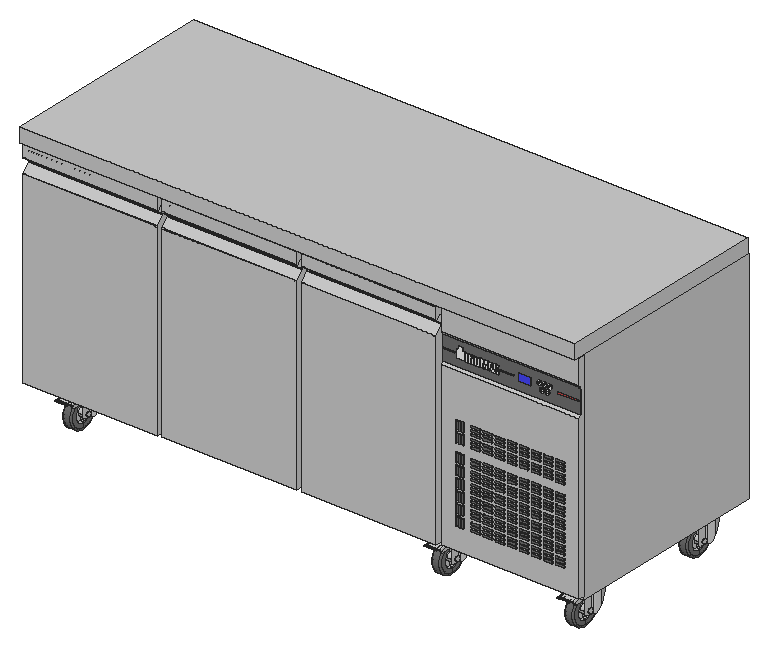
Revit family "QF_INOMAK_PNRP999_250523032323", category Specialty Equipment, Revit 2021 (continued)
Definition of nested family "QF_INOMAK_REF_COUNTERS_WORKTOPS_35372"
  Definition of nested family "Worktop"
    Forms (mm)
      Extrusion 2, solid, material <- "Finish", visible <- "Worktop without backsplash"
        sketch origin (0, 0, 0) x (0, 1, 0) y (0, 0, 1)
          loop
            line (0, 860) -> (0, 900) -> (-700, 900) -> (-700, 860) -> (0, 860)
        from 0 to 1200
    Lines and regions (mm)
      Masking region 1, visible <- "Worktop with backsplash"
        outline origin (0, 0, 900) x (0, 1, 0) y (-1, 0, 0)
          loop
            line (0, 0) -> (-700, 0) -> (-700, -1200) -> (0, -1200) -> (0, 0)
      Masking region 2, visible <- "Worktop without backsplash"
        outline origin (0, 0, 900) x (0, 1, 0) y (-1, 0, 0)
          loop
            line (0, 0) -> (-700, 0) -> (-700, -1200) -> (0, -1200) -> (0, 0)
      symbolic lines, visible <- "Worktop with backsplash"
        curve 1: line (0, 0, 0) -> (1200, 0, 0)
        curve 2: line (1200, 0, 0) -> (1200, -700, 0)
        curve 3: line (1200, -700, 0) -> (0, -700, 0)
        curve 4: line (0, -700, 0) -> (0, 0, 0)
        curve 5: line (0, -20, 0) -> (1200, -20, 0)
      symbolic lines, visible <- "Worktop without backsplash"
        curve 6: line (0, 0, 0) -> (1200, 0, 0)
        curve 7: line (1200, 0, 0) -> (1200, -700, 0)
        curve 8: line (1200, -700, 0) -> (0, -700, 0)
        curve 9: line (0, -700, 0) -> (0, 0, 0)
      symbolic lines, visible <- "Without worktop"
        curve 10: line (0, 0, 0) -> (1200, 0, 0)
        curve 11: line (1200, 0, 0) -> (1200, -700, 0)
        curve 12: line (1200, -700, 0) -> (0, -700, 0)
        curve 13: line (0, -700, 0) -> (0, 0, 0)
      reference lines
        curve 14: line (600, 0, 1000) -> (600, -20, 1000)
        curve 15: line (0, -700, 900) -> (1200, -700, 900)
        curve 16: line (1200, -700, 900) -> (1200, 0, 900)
        curve 17: line (0, -700, 900) -> (0, 0, 900)
        curve 18: line (0, 0, 900) -> (1200, 0, 900)
        curve 19: line (600, 0, 860) -> (600, -700, 860)
    Dimensions and locks
      "Length Actual": plane 3 "Left" to plane 4 "Right"
      "Depth Actual": plane 5 "Front" to plane 1 "Back"
      "Backsplash thickness": plane 7 "Backsplash thickness" to plane 1 "Back"
      "Worktop thickness": plane 6 "Top" to plane 8 "Worktop bottom"
      "Backsplash height": plane 9 "Upright height" to plane 6 "Top"
      "Backsplash height": curve 14 to plane 6 "Top"
      "Depth Actual": curve 15 to plane 1 "Back"
      "Length Actual": plane 3 "Left" to curve 16
      "Length Actual": curve 17 to plane 4 "Right"
      "Depth Actual": curve 18 to plane 5 "Front"
      equal spacing: plane 3 "Left", plane 10 "Center Left Right", plane 4 "Right"
      "Height AFF": plane 8 "Worktop bottom" to plane 2
      "Height AFF": curve 19 to plane 2
      aligned and locked: level to plane 2
      aligned and locked: Extrusion 1 to plane 4 "Right"
      aligned and locked: Extrusion 1 sketch curve to plane 7 "Backsplash thickness"
      aligned and locked: curve 5 to plane 7 "Backsplash thickness"
      aligned and locked: Extrusion 1 sketch curve to plane 8 "Worktop bottom"
      aligned and locked: plane 9 "Upright height" to Extrusion 1 sketch curve
      aligned and locked: plane 6 "Top" to Extrusion 1 sketch curve
      aligned and locked: plane 6 "Top" to Extrusion 2 sketch curve
      aligned and locked: Extrusion 2 sketch curve to plane 1 "Back"
      aligned and locked: Extrusion 2 sketch curve to plane 8 "Worktop bottom"
      aligned and locked: Extrusion 2 sketch curve to plane 5 "Front"
      aligned and locked: Extrusion 2 to plane 4 "Right"
      aligned and locked: Masking region 1 sketch curve to Extrusion 1  (x4)
      aligned and locked: Masking region 2 sketch curve to Extrusion 1  (x4)
    Automatic sketch dimensions
      plane 1 "Back" to curve 1 = 0 mm
      curve 13 to plane 3 "Left" = 0 mm
      curve 7 to plane 4 "Right" = 0 mm
      curve 13 to plane 5 "Front" = 0 mm
      Extrusion 1 sketch curve to plane 1 "Back" = 0 mm
      Extrusion 1 sketch curve to plane 5 "Front" = 0 mm
      curve 19 to plane 1 "Back" = 0 mm
      curve 14 to plane 1 "Back" = 0 mm
      curve 14 to plane 7 "Backsplash thickness" = 0 mm
      curve 19 to plane 5 "Front" = 0 mm
      curve 16 to plane 5 "Front" = 0 mm
      curve 17 to plane 5 "Front" = 0 mm
      plane 1 "Back" to curve 17 = 0 mm
      plane 1 "Back" to curve 16 = 0 mm
      curve 15 to plane 4 "Right" = 0 mm
      curve 18 to plane 4 "Right" = 0 mm
      curve 18 to plane 3 "Left" = 0 mm
      curve 15 to plane 3 "Left" = 0 mm
Definition of nested family "QF_INOMAK_REF_COUNTERS_CASTORS_37201"
  Parameters (values of type "CT-2240-600")
    Weight [instance] = 0.00 kg
    Warranty Start Date [instance] = ""
    Warranty Duration [instance] = ""
    URL Cutsheet [instance] = ""
    URL = "www.inomak.com"
    Technical Documentation [instance] = ""
    Tag Number [instance] = ""
    Status [instance] = ""
    Specification by User [instance] = ""
    Specification by Manufacturer [instance] = ""
    Sound Level [instance] = ""
    Solid Fuel Type [instance] = ""
    Show Logo [instance] = yes
    Show Clearances [instance] = yes
    Service Life Duration [instance] = ""
    Serial Number [instance] = ""
    Seismic Rating [instance] = ""
    SMACNA No [instance] = ""
    Right offset = 70 mm
    Revision Code [instance] = ""
    Revision [instance] = ""
    Rear offset = 90 mm
    Production Year [instance] = ""
    Point Load [instance] = 0
    Other Equipment Approvals [instance] = ""
    NAFEM Spec ID Number [instance] = ""
    Model Warning [instance] = ""
    Model = "CT"
    Masterspec [instance] = ""
    Manufacturer = "INOMAK"
    Length Actual [instance] = 0 mm
    Length = 2242 mm
    Left offset = 100 mm
    Item Number [instance] = ""
    Installed By [instance] = ""
    Installation Date [instance] = ""
    Identify Quantity as Lot [instance] = yes
    ID [instance] = ""
    Hygiene Approval [instance] = ""
    Height Actual [instance] = 0 mm
    Height = 130 mm
    Furnished By [instance] = ""
    Front offset = 150 mm
    Foodservice Equipment Identifier [instance] = yes
    ETL Approved [instance] = yes
    Description = "WHEELS"
    Depth Actual [instance] = 0 mm
    Depth = 600 mm
    Default Elevation = 0 mm
    CentralLegs = if(Length > 2000 mm, 2 > 1, 2 < 1)  # yes
    CSI MasterFormat [instance] = ""
    CE Approved [instance] = yes
    Barcode [instance] = ""
    Author [instance] = ""
    Asset Identifier [instance] = ""
    Assembly Code = "E1090320"
    Accessory [instance] = yes
  Types (6, lengths in mm): name | Length | Depth | CentralLegs
    CT-2240-700 | 2242 | 700 | yes
    CT-1790-700 | 1792 | 700 | no
    CT-1345-700 | 1342 | 700 | no
    CT-1345-600 | 1342 | 600 | no
    CT-1790-600 | 1792 | 600 | no
    CT-2240-600 | 2242 | 600 | yes
  Reference planes
    plane 1 "Back": y = 0
    plane 2: z = 0
    plane 3 "Left": x = 0
    plane 4 "Right": x = 2242
    plane 5 "Front": y = -600
    plane 6 "Top": z = 130
    plane 7 "Left offset": x = 100
    plane 8 "Right offset": x = 2172
    plane 9 "Rear offset": y = -90
    plane 10 "Front offset": y = -450
    plane 11 "Central": x = 921
    plane 12: x = 1742
  Dimensions and locks
    "Length": plane 3 "Left" to plane 4 "Right"
    "Depth": plane 5 "Front" to plane 1 "Back"
    "Left offset": plane 3 "Left" to plane 7 "Left offset"
    "Right offset": plane 8 "Right offset" to plane 4 "Right"
    "Rear offset": plane 9 "Rear offset" to plane 1 "Back"
    "Front offset": plane 10 "Front offset" to plane 5 "Front"
    equal spacing: plane 7 "Left offset", plane 11 "Central", plane 12
    locked: plane 12 to plane 8 "Right offset" at 430
    plane 6 "Top" to level = 130 mm
    aligned and locked: level to plane 2
    aligned and locked: nested 1 to plane 7 "Left offset"
    aligned and locked: nested 1 to plane 10 "Front offset"
    aligned and locked: nested 2 to plane 11 "Central"
    aligned and locked: nested 2 to plane 10 "Front offset"
    aligned and locked: nested 3 to plane 12
    aligned and locked: nested 3 to plane 10 "Front offset"
    aligned and locked: nested 4 to plane 8 "Right offset"
    aligned and locked: nested 4 to plane 10 "Front offset"
    aligned and locked: nested 5 to plane 7 "Left offset"
    aligned and locked: nested 5 to plane 9 "Rear offset"
    aligned and locked: nested 6 to plane 12
    aligned and locked: nested 6 to plane 9 "Rear offset"
    aligned and locked: nested 7 to plane 8 "Right offset"
    aligned and locked: nested 7 to plane 9 "Rear offset"
  Nested families
    nested 1: "QF_INOMAK_CASTOR_BRAKES" at (100, -450, 0), type "QF_INOMAK_CASTOR_BRAKES"
    nested 2: "QF_INOMAK_CASTOR_BRAKES" at (921, -450, 0), visible <- "CentralLegs", type "QF_INOMAK_CASTOR_BRAKES"
    nested 3: "QF_INOMAK_CASTOR_BRAKES" at (1742, -450, 0), type "QF_INOMAK_CASTOR_BRAKES"
    nested 4: "QF_INOMAK_CASTOR_BRAKES" at (2172, -450, 0), type "QF_INOMAK_CASTOR_BRAKES"
    nested 5: "QF_INOMAK_CASTOR" at (100, -90, 0), type "QF_INOMAK_CASTOR"
    nested 6: "QF_INOMAK_CASTOR" at (1742, -90, 0), type "QF_INOMAK_CASTOR"
    nested 7: "QF_INOMAK_CASTOR" at (2172, -90, 0), type "QF_INOMAK_CASTOR"
  Definition of nested family "QF_INOMAK_CASTOR_BRAKES"
    Parameters (values of type "QF_INOMAK_CASTOR_BRAKES")
      Default Elevation = 0 mm
    Reference planes
      plane 1 "Center (Front/Back)": y = 0
      plane 2: z = 0
      plane 3 "Center (Left/Right)": x = 0
    Forms (mm)
      Extrusion 1, solid
        sketch origin (-55, 171.5, 124.5) x (1, 0, 0) y (0, 1, 0)
          loop
            line (12.5, -214) -> (97.5, -214)
            arc (97.5, -214) -> (104.571, -211.071) -> (107.5, -204) r 10
            line (107.5, -204) -> (107.5, -139)
            arc (107.5, -139) -> (104.571, -131.929) -> (97.5, -129) r 10
            line (97.5, -129) -> (12.5, -129)
            arc (12.5, -129) -> (5.429, -131.929) -> (2.5, -139) r 10
            line (2.5, -139) -> (2.5, -204)
            arc (2.5, -204) -> (5.429, -211.071) -> (12.5, -214) r 10
        from 0 to 5.5
      Extrusion 2, solid
        sketch origin (-55, 146, 24.5) x (1, 0, 0) y (0, 1, 0)
          loop
            circle (55, -146) r 36
          loop
            circle (55, -146) r 34
        from 12 to 100
      Extrusion 3, void
        sketch origin (-37.5, 146, -28.526) x (0, 1, 0) y (0, 0, 1)
          loop
            line (-105, 63.026) -> (-105, 139.692) -> (-158.75, 68.026)
            arc (-158.75, 68.026) -> (-160.956, 66.036) -> (-163.75, 65.026) r 7.727
            line (-163.75, 65.026) -> (-175, 65.026) -> (-175, 136.026) -> (-182, 136.026) -> (-182, 63.026) -> (-105, 63.026)
        from 0 to 75
      Revolve 4, solid
        sketch origin (0, -37.5, -3.552) x (1, 0, 0) y (0, 0, 1)
          loop
            arc (10, 3.552) -> (13.536, 5.016) -> (15, 8.552) r 5
            line (15, 8.552) -> (15, 22.052) -> (-15, 22.052) -> (-15, 8.552)
            arc (-15, 8.552) -> (-13.536, 5.016) -> (-10, 3.552) r 5
            line (-10, 3.552) -> (10, 3.552)
          axis (-15, 53.552) -> (15, 53.552)
        angle from 0 to 360
      Extrusion 5, solid
        sketch origin (-21.466, 171.5, -31.526) x (0, 1, 0) y (0, 0, 1)
          loop
            line (-200.5, 68.026) -> (-200.5, 139.026) -> (-222.5, 139.026) -> (-267.507, 126.05)
            arc (-267.507, 126.05) -> (-264.51, 121.7) -> (-259.5, 120.026) r 8.333
            line (-259.5, 120.026) -> (-224.5, 120.026) -> (-224.5, 76.026)
            arc (-224.5, 76.026) -> (-222.157, 70.369) -> (-216.5, 68.026) r 8
            line (-216.5, 68.026) -> (-200.5, 68.026)
        from -3.534 to -1.534
      Extrusion 6, solid
        sketch origin (-34, 171.5, -14) x (0, 1, 0) y (0, 0, 1)
          loop
            circle (-209, 64) r 12.5
        from 11 to 57
      Revolve 7, solid
        sketch origin (-55, -37.5, -3.552) x (1, 0, 0) y (0, 0, 1)
          loop
            arc (65, 22.052) -> (61.464, 23.516) -> (60, 27.052) r 5
            line (60, 27.052) -> (60, 53.526) -> (50, 53.526) -> (50, 27.052)
            arc (50, 27.052) -> (48.536, 23.516) -> (45, 22.052) r 5
            line (45, 22.052) -> (65, 22.052)
          axis (45, 53.526) -> (65, 53.526)
        angle from 0 to 360
      Extrusion 8, solid
        sketch origin (21.466, 171.5, -31.526) x (0, 1, 0) y (0, 0, -1)
          loop
            line (-200.5, -68.026) -> (-216.5, -68.026)
            arc (-216.5, -68.026) -> (-222.157, -70.369) -> (-224.5, -76.026) r 8
            line (-224.5, -76.026) -> (-224.5, -120.026) -> (-259.5, -120.026)
            arc (-259.5, -120.026) -> (-264.51, -121.7) -> (-267.507, -126.05) r 8.333
            line (-267.507, -126.05) -> (-222.5, -139.026) -> (-200.5, -139.026) -> (-200.5, -68.026)
        from -3.534 to -1.534
      Extrusion 9, solid
        sketch origin (250, -359.196, -27.974) x (1, 0, 0) y (0, 1, 0)
          loop
            line (-275, 330.196) -> (-273, 330.196)
            arc (-273, 330.196) -> (-273.274, 332.754) -> (-274.083, 335.196) r 12.082
            line (-274.083, 335.196) -> (-276.833, 335.196)
            arc (-276.833, 335.196) -> (-275.473, 332.858) -> (-275, 330.196) r 7.737
        from 64.474 to 135.474
      Extrusion 10, solid
        sketch origin (-250, -359.196, -27.974) x (-1, 0, 0) y (0, -1, 0)
          loop
            arc (-275, -330.196) -> (-275.473, -332.858) -> (-276.833, -335.196) r 7.737
            line (-276.833, -335.196) -> (-274.083, -335.196)
            arc (-274.083, -335.196) -> (-273.274, -332.754) -> (-273, -330.196) r 12.082
            line (-273, -330.196) -> (-275, -330.196)
        from 64.474 to 135.474
      Sweep 11, solid
        path origin (0, -359.196, -27.974) x (0, 1, 0) y (0, 0, 1)
          loop
            line (338.196, 135.474) -> (308.196, 135.474) -> (263.189, 122.499)
        profile origin (0, -36, 107.5) x (0, 0, -1) y (1, 0, 0)
          loop
            arc (-4, -21) -> (-2.828, -23.828) -> (0, -25) r 4
            line (0, -25) -> (0, -23)
            arc (0, -23) -> (-1.414, -22.414) -> (-2, -21) r 2
            line (-2, -21) -> (-2, 21)
            arc (-2, 21) -> (-1.414, 22.414) -> (0, 23) r 2
            line (0, 23) -> (0, 25)
            arc (0, 25) -> (-2.828, 23.828) -> (-4, 21) r 4
            line (-4, 21) -> (-4, -21)
      Extrusion 12, solid
        sketch origin (-15, -620.032, 471.611) x (1, 0, 0) y (0, 0.809942, -0.58651)
          loop
            line (0, 640.696) -> (0, 622.696) -> (6, 617.696) -> (24, 617.696) -> (30, 622.696) -> (30, 640.696) -> (0, 640.696)
        from 0 to 2
      Extrusion 13, solid
        sketch origin (-10, -688.801, 95.837) x (0, 1, 0) y (0, 0, 1)
          loop
            line (587.696, 0) -> (592.196, -3.259)
            arc (592.196, -3.259) -> (593.446, -3.664) -> (594.696, -3.259) r 2.131
            line (594.696, -3.259) -> (604.172, 4.031) -> (598.943, 2.532) -> (594.631, -0.785)
            arc (594.631, -0.785) -> (593.44, -1.2) -> (592.238, -0.82) r 2
            line (592.238, -0.82) -> (588.869, 1.62) -> (587.696, 0)
        from 0 to 20
      Extrusion 14, solid
        sketch origin (-31, -958.08, 50) x (0, 1, 0) y (0, 0, 1)
          loop
            line (924.33, -6.495) -> (928.08, 0) -> (924.33, 6.495) -> (916.83, 6.495) -> (913.08, 0) -> (916.83, -6.495) -> (924.33, -6.495)
        from 0 to 62
    Cuts and joins
      Extrusion 3 cuts Extrusion 2
      Extrusion 3 cuts Extrusion 9
      Extrusion 3 cuts Extrusion 10
    Dimensions and locks
      aligned and locked: level to plane 2
  Definition of nested family "QF_INOMAK_CASTOR"
    Parameters (values of type "QF_INOMAK_CASTOR")
      Default Elevation = 0 mm
    Reference planes
      plane 1 "Center (Front/Back)": y = 0
      plane 2: z = 0
      plane 3 "Center (Left/Right)": x = 0
    Forms (mm)
      Extrusion 1, solid
        sketch origin (-55, 171.5, 124.5) x (1, 0, 0) y (0, 1, 0)
          loop
            line (12.5, -214) -> (97.5, -214)
            arc (97.5, -214) -> (104.571, -211.071) -> (107.5, -204) r 10
            line (107.5, -204) -> (107.5, -139)
            arc (107.5, -139) -> (104.571, -131.929) -> (97.5, -129) r 10
            line (97.5, -129) -> (12.5, -129)
            arc (12.5, -129) -> (5.429, -131.929) -> (2.5, -139) r 10
            line (2.5, -139) -> (2.5, -204)
            arc (2.5, -204) -> (5.429, -211.071) -> (12.5, -214) r 10
        from 0 to 5.5
      Extrusion 2, solid
        sketch origin (-55, 146, 24.5) x (1, 0, 0) y (0, 1, 0)
          loop
            circle (55, -146) r 36
          loop
            circle (55, -146) r 34
        from 12 to 100
      Extrusion 3, void
        sketch origin (-37.5, 146, -28.526) x (0, 1, 0) y (0, 0, 1)
          loop
            line (-105, 63.026) -> (-105, 139.692) -> (-158.75, 68.026)
            arc (-158.75, 68.026) -> (-160.956, 66.036) -> (-163.75, 65.026) r 7.727
            line (-163.75, 65.026) -> (-175, 65.026) -> (-175, 136.026) -> (-182, 136.026) -> (-182, 63.026) -> (-105, 63.026)
        from 0 to 75
      Revolve 4, solid
        sketch origin (0, -37.5, -3.552) x (1, 0, 0) y (0, 0, 1)
          loop
            arc (10, 3.552) -> (13.536, 5.016) -> (15, 8.552) r 5
            line (15, 8.552) -> (15, 22.052) -> (-15, 22.052) -> (-15, 8.552)
            arc (-15, 8.552) -> (-13.536, 5.016) -> (-10, 3.552) r 5
            line (-10, 3.552) -> (10, 3.552)
          axis (-15, 53.552) -> (15, 53.552)
        angle from 0 to 360
      Extrusion 5, solid
        sketch origin (-21.466, 171.5, -31.526) x (0, 1, 0) y (0, 0, 1)
          loop
            line (-200.5, 68.026) -> (-200.5, 139.026) -> (-224.5, 139.026) -> (-224.5, 76.026)
            arc (-224.5, 76.026) -> (-222.157, 70.369) -> (-216.5, 68.026) r 8
            line (-216.5, 68.026) -> (-200.5, 68.026)
        from -3.534 to -1.534
      Extrusion 6, solid
        sketch origin (-34, 171.5, -14) x (0, 1, 0) y (0, 0, 1)
          loop
            circle (-209, 64) r 12.5
        from 11 to 57
      Revolve 7, solid
        sketch origin (-55, -37.5, -3.552) x (1, 0, 0) y (0, 0, 1)
          loop
            arc (65, 22.052) -> (61.464, 23.516) -> (60, 27.052) r 5
            line (60, 27.052) -> (60, 53.526) -> (50, 53.526) -> (50, 27.052)
            arc (50, 27.052) -> (48.536, 23.516) -> (45, 22.052) r 5
            line (45, 22.052) -> (65, 22.052)
          axis (45, 53.526) -> (65, 53.526)
        angle from 0 to 360
      Extrusion 8, solid
        sketch origin (21.466, 171.5, -31.526) x (0, 1, 0) y (0, 0, -1)
          loop
            line (-200.5, -68.026) -> (-216.5, -68.026)
            arc (-216.5, -68.026) -> (-222.157, -70.369) -> (-224.5, -76.026) r 8
            line (-224.5, -76.026) -> (-224.5, -139.026) -> (-200.5, -139.026) -> (-200.5, -68.026)
        from -3.534 to -1.534
      Extrusion 9, solid
        sketch origin (250, -359.196, -27.974) x (1, 0, 0) y (0, 1, 0)
          loop
            line (-275, 330.196) -> (-273, 330.196)
            arc (-273, 330.196) -> (-273.274, 332.754) -> (-274.083, 335.196) r 12.082
            line (-274.083, 335.196) -> (-276.833, 335.196)
            arc (-276.833, 335.196) -> (-275.473, 332.858) -> (-275, 330.196) r 7.737
        from 64.474 to 135.474
      Extrusion 10, solid
        sketch origin (-250, -359.196, -27.974) x (-1, 0, 0) y (0, -1, 0)
          loop
            arc (-275, -330.196) -> (-275.473, -332.858) -> (-276.833, -335.196) r 7.737
            line (-276.833, -335.196) -> (-274.083, -335.196)
            arc (-274.083, -335.196) -> (-273.274, -332.754) -> (-273, -330.196) r 12.082
            line (-273, -330.196) -> (-275, -330.196)
        from 64.474 to 135.474
      Sweep 11, solid
        path origin (0, -359.196, -27.974) x (0, 1, 0) y (0, 0, 1)
          loop
            line (338.196, 135.474) -> (306.196, 135.474)
        profile origin (0, -37, 107.5) x (0, 0, -1) y (1, 0, 0)
          loop
            arc (-4, -21) -> (-2.828, -23.828) -> (0, -25) r 4
            line (0, -25) -> (0, -23)
            arc (0, -23) -> (-1.414, -22.414) -> (-2, -21) r 2
            line (-2, -21) -> (-2, 21)
            arc (-2, 21) -> (-1.414, 22.414) -> (0, 23) r 2
            line (0, 23) -> (0, 25)
            arc (0, 25) -> (-2.828, 23.828) -> (-4, 21) r 4
            line (-4, 21) -> (-4, -21)
      Extrusion 12, solid
        sketch origin (-31, -958.08, 50) x (0, 1, 0) y (0, 0, 1)
          loop
            line (924.33, -6.495) -> (928.08, 0) -> (924.33, 6.495) -> (916.83, 6.495) -> (913.08, 0) -> (916.83, -6.495) -> (924.33, -6.495)
        from 0 to 62
    Cuts and joins
      Extrusion 3 cuts Extrusion 2
      Extrusion 3 cuts Extrusion 9
      Extrusion 3 cuts Extrusion 10
    Dimensions and locks
      aligned and locked: level to plane 2
Definition of nested family "CONN_POINT_ELE_2D___Generic_Annotation"
  Parameters (values of type "CONN_POINT_ELE_2D___Generic_Annotation")
    Onboard connection annotation symbol visibility [instance] = yes
  Reference planes
    plane 1: y = 0
    plane 2: x = 0
  Lines and regions (mm)
    detail lines, visible <- "Onboard connection annotation symbol visibility"
      curve 1: circle (0, 0, 0) r 0.5 normal (0, 0, 1)
      curve 2: line (-1, 0, 0) -> (1, 0, 0)
      curve 3: line (0, 1, 0) -> (0, -1, 0)
      curve 4: line (2.5, 1, 0) -> (1.25, 1, 0)
      curve 5: line (1.25, 1, 0) -> (1.25, -1, 0)
      curve 6: line (1.25, -1, 0) -> (2.5, -1, 0)
      curve 7: line (1.25, 0, 0) -> (2, 0, 0)
